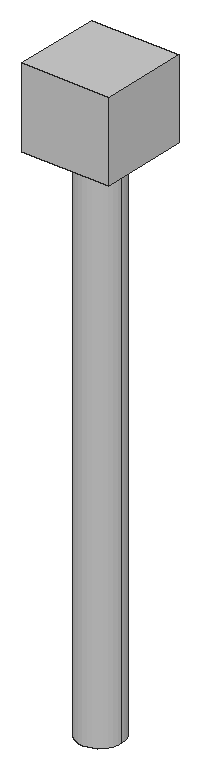
Revit family "桩基承台-1 根桩", category 结构基础, Revit 2016
Family settings
  用于模型行为的材质 = 混凝土
  管帽 = 否
  基于工作平面 = 否
  总是垂直 = 是
  加载时剪切的空心 = 否
  共享 = 否
Parameters (values of type "1000 x 1000 x 900mm")
  桩长度 [instance] = 6000 mm
  桩材质 [instance] = 混凝土 - 现场浇注混凝土
  宽度 = 1000 mm
  Structural Material [instance] = 混凝土 - 现场浇注混凝土
  桩类型 = 桩-混凝土圆形桩 : 500mm 直径
  长度 = 1000 mm
  桩嵌固 = 150 mm
  部件代码 = "A1010130"
  厚度 = 900 mm
Reference planes
  plane 1 "中心(前/后)": y = 0
  plane 2: z = 0
  plane 3 "中心(左/右)": x = 0
  plane 4: x = -500
  plane 5: x = 500
  plane 6: y = 500
  plane 7: y = -500
  plane 8: z = -900
  plane 9: z = -750
Forms (mm)
  Extrusion 1, solid, material "混凝土 - 现场浇注混凝土" <- "Structural Material"
    sketch origin (0, 0, 0) x (1, 0, 0) y (0, 1, 0)
      loop
        line (-500, 500) -> (-500, -500) -> (500, -500) -> (500, 500) -> (-500, 500)
    from -900 to 0
Dimensions and locks
  "宽度": plane 4 to plane 5
  "长度": plane 6 to plane 7
  equal spacing: plane 6, plane 1 "中心(前/后)", plane 7
  equal spacing: plane 4, plane 3 "中心(左/右)", plane 5
  "厚度": plane 2 to plane 8
  "桩嵌固": plane 9 to plane 8
  aligned and locked: plane 4 to Extrusion 1 sketch curve
  aligned and locked: Extrusion 1 sketch curve to plane 5
  aligned and locked: Extrusion 1 sketch curve to plane 6
  aligned and locked: plane 7 to Extrusion 1 sketch curve
  aligned and locked: level to Extrusion 1
  aligned and locked: Extrusion 1 to plane 8
  aligned and locked: plane 3 "中心(左/右)" to nested 1
  aligned and locked: plane 1 "中心(前/后)" to nested 1
  aligned and locked: nested 1 to plane 9
  aligned and locked: plane 8 to nested 1
Nested families
  nested 1: "桩-混凝土圆形桩" at (0, 0, -900), Structural Material <- "桩材质", 桩长度 <- "桩长度", type <- "桩类型", type "500mm 直径"
    with Structural Material 混凝土 - 现场浇注混凝土, 桩长度 6000 mm, 最小预埋件 150 mm
Definition of nested family "桩-混凝土圆形桩"
  Parameters (values of type "300mm 直径")
    Structural Material [instance] = none
    半径 = Diameter / 2  # 150 mm
    桩长度 [instance] = 6000 mm
    最小预埋件 [instance] = 100 mm
    Diameter = 300 mm
    Assembly Code = ""
  Types (5, lengths in mm): name | 半径 | 最小预埋件 | Diameter
    (no name) | 150 | 100 | 300
    300mm 直径 | 150 | 100 | 300
    600mm 直径 | 300 | 152 | 600
    400mm 直径 | 200 | 150 | 400
    500mm 直径 | 250 | 150 | 500
  Reference planes
    plane 1 "中心(前/后)": y = 0
    plane 2: z = 0
    plane 3 "中心(左/右)": x = 0
    plane 4: z = -6000
    plane 5: z = 100
  Forms (mm)
    Extrusion 1, solid, material <- "Structural Material"
      sketch origin (0, 0, 0) x (1, 0, 0) y (0, 1, 0)
        loop
          circle (0, 0) r 150
      from -6000 to 100
  Dimensions and locks
    "桩长度": plane 2 to plane 4
    "最小预埋件": plane 5 to plane 2
    "半径": radius of Extrusion 1 sketch curve
    aligned and locked: Extrusion 1 to plane 4
    aligned and locked: Extrusion 1 to plane 5
  Automatic sketch dimensions
    Extrusion 1 sketch curve to plane 1 "中心(前/后)" = 0 mm
    Extrusion 1 sketch curve to plane 3 "中心(左/右)" = 0 mm
